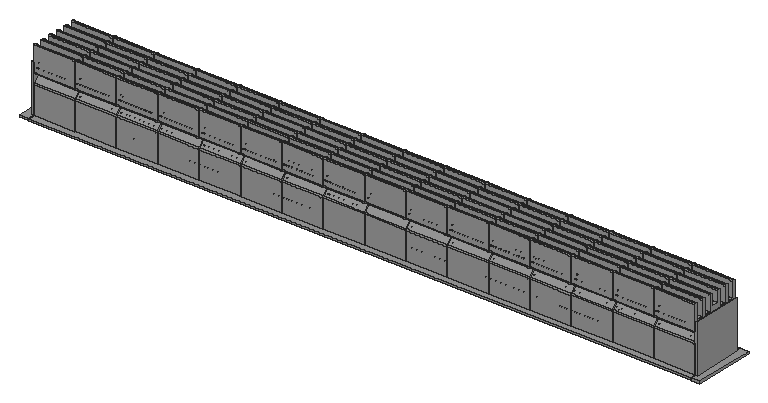
Revit family "Artemide_Sharp_TrimTrimless", category Lighting Fixtures, Revit 2018 (continued)
Types (216, lengths in mm): name | Wattage | V_Trim | V_2Optics | V_1Optic | TotalNumberOfOptics | built-in parameter 1150134 | Photometric Web File | NumberOfOptics | M_Trim | built-in parameter 1150105 | Lumens | built-in parameter 1150107 | built-in parameter 1150106 | URL to O&M Manual | Trim Finish | Trim Colour  | Product Model Number | Overall Length | Output Lumens Direct light | Input Lumens Direct light | Initial Lumens | Emit from Rectangle Length | Efficiency | built-in parameter 1150104 | Distance_RightSideClosure | Colour Temperature
  Sharp_1opticunit_3W_52°_4000K_TrimWhite_AF00801 | 3 W | yes | no | no | 3 | 12 | "AF00801+AF95001.IES" | 2 | Artemide_Aluminum_White | 16.585 (stored number, unit not read) | 208.41 lm | 4000 (stored number, unit not read) | 0.16585 (stored number, unit not read) | "https://www.artemide.com/contents/documenti/prodotto/sharp__instructions4862552.pdf" | "Painted" | "White" | "AF00801" | 34 | 417 | 498.1 | 804 | 37 | 74 | 6.454 (stored number, unit not read) | 20.5 | 4000
  Sharp_1opticunit_3W_36°_4000K_TrimWhite_AF00701 | 3 W | yes | no | no | 3 | 12 | "AF00701+AF95001.IES" | 2 | Artemide_Aluminum_White | 16.017 (stored number, unit not read) | 201.27 lm | 4000 (stored number, unit not read) | 0.16017 (stored number, unit not read) | "https://www.artemide.com/contents/documenti/prodotto/sharp__instructions4862552.pdf" | "Painted" | "White" | "AF00701" | 34 | 417 | 498.1 | 804 | 37 | 71 | 6.2329 (stored number, unit not read) | 20.5 | 4000
  Sharp_1opticunit_3W_52°_2700K_TrimBlack_AF00204 | 3 W | yes | no | no | 3 | (empty or 0) | "AF00204+AF95001.IES" | 2 | Artemide_Aluminum_Black | 14.546 (stored number, unit not read) | 182.79 lm | 2700 (stored number, unit not read) | 0.14546 (stored number, unit not read) | "https://www.artemide.com/contents/documenti/prodotto/sharp__instructions4862552.pdf" | "Painted" | "Black" | "AF00204" | 34 | 417 | 498.1 | 804 | 37 | 73 | 5.6606 (stored number, unit not read) | 20.5 | 2700
  Sharp_1opticunit_3W_20°_2700K_TrimBlack_AF00004 | 3 W | yes | no | no | 3 | (empty or 0) | "AF00004+AF95001.IES" | 2 | Artemide_Aluminum_Black | 15.011 (stored number, unit not read) | 188.64 lm | 2700 (stored number, unit not read) | 0.15011 (stored number, unit not read) | "https://www.artemide.com/contents/documenti/prodotto/sharp__instructions4862552.pdf" | "Painted" | "Black" | "AF00004" | 34 | 417 | 498.1 | 804 | 37 | 76 | 5.8417 (stored number, unit not read) | 20.5 | 2700
  Sharp_1opticunit_3W_36°_2700K_TrimBlack_AF00104 | 3 W | yes | no | no | 3 | (empty or 0) | "AF00104+AF95001.IES" | 2 | Artemide_Aluminum_Black | 14.045 (stored number, unit not read) | 176.49 lm | 2700 (stored number, unit not read) | 0.14045 (stored number, unit not read) | "https://www.artemide.com/contents/documenti/prodotto/sharp__instructions4862552.pdf" | "Painted" | "Black" | "AF00104" | 34 | 417 | 498.1 | 804 | 37 | 71 | 5.4655 (stored number, unit not read) | 20.5 | 2700
  Sharp_1opticunit_3W_52°_3000K_TrimBlack_AF00504 | 3 W | yes | no | no | 3 | (empty or 0) | "AF00504+AF95001.IES" | 2 | Artemide_Aluminum_Black | 15.496 (stored number, unit not read) | 194.73 lm | 3000 (stored number, unit not read) | 0.15496 (stored number, unit not read) | "https://www.artemide.com/contents/documenti/prodotto/sharp__instructions4862552.pdf" | "Painted" | "Black" | "AF00504" | 34 | 417 | 498.1 | 804 | 37 | 73 | 6.0303 (stored number, unit not read) | 20.5 | 3000
  Sharp_1opticunit_3W_52°_4000K_TrimBlack_AF00804 | 3 W | yes | no | no | 3 | 12 | "AF00804+AF95001.IES" | 2 | Artemide_Aluminum_Black | 16.585 (stored number, unit not read) | 208.41 lm | 4000 (stored number, unit not read) | 0.16585 (stored number, unit not read) | "https://www.artemide.com/contents/documenti/prodotto/sharp__instructions4862552.pdf" | "Painted" | "Black" | "AF00804" | 34 | 417 | 498.1 | 804 | 37 | 74 | 6.454 (stored number, unit not read) | 20.5 | 4000
  Sharp_1opticunit_3W_36°_4000K_TrimBlack_AF00704 | 3 W | yes | no | no | 3 | 12 | "AF00704+AF95001.IES" | 2 | Artemide_Aluminum_Black | 16.017 (stored number, unit not read) | 201.27 lm | 4000 (stored number, unit not read) | 0.16017 (stored number, unit not read) | "https://www.artemide.com/contents/documenti/prodotto/sharp__instructions4862552.pdf" | "Painted" | "Black" | "AF00704" | 34 | 417 | 498.1 | 804 | 37 | 71 | 6.2329 (stored number, unit not read) | 20.5 | 4000
  Sharp_1opticunit_3W_36°_3000K_TrimBlack_AF00404 | 3 W | yes | no | no | 3 | (empty or 0) | "AF00404+AF95001.IES" | 2 | Artemide_Aluminum_Black | 14.964 (stored number, unit not read) | 188.04 lm | 3000 (stored number, unit not read) | 0.14964 (stored number, unit not read) | "https://www.artemide.com/contents/documenti/prodotto/sharp__instructions4862552.pdf" | "Painted" | "Black" | "AF00404" | 34 | 417 | 498.1 | 804 | 37 | 71 | 5.8232 (stored number, unit not read) | 20.5 | 3000
  Sharp_1opticunit_3W_20°_4000K_TrimBlack_AF00604 | 3 W | yes | no | no | 3 | 12 | "AF00604+AF95001.IES" | 2 | Artemide_Aluminum_Black | 17.117 (stored number, unit not read) | 215.1 lm | 4000 (stored number, unit not read) | 0.17117 (stored number, unit not read) | "https://www.artemide.com/contents/documenti/prodotto/sharp__instructions4862552.pdf" | "Painted" | "Black" | "AF00604" | 34 | 417 | 498.1 | 804 | 37 | 76 | 6.6611 (stored number, unit not read) | 20.5 | 4000
  Sharp_1opticunit_3W_20°_3000K_TrimBlack_AF00304 | 3 W | yes | no | no | 3 | (empty or 0) | "AF00304+AF95001.IES" | 2 | Artemide_Aluminum_Black | 15.993 (stored number, unit not read) | 200.97 lm | 3000 (stored number, unit not read) | 0.15993 (stored number, unit not read) | "https://www.artemide.com/contents/documenti/prodotto/sharp__instructions4862552.pdf" | "Painted" | "Black" | "AF00304" | 34 | 417 | 498.1 | 804 | 37 | 76 | 6.2236 (stored number, unit not read) | 20.5 | 3000
  Sharp_2opticunit_5,5W_20°_2700K_Trimless_AF55000 | 5.5 W | no | yes | no | 3 | (empty or 0) | "AF55000+AF95101.IES" | 2 | none | 33.023 (stored number, unit not read) | 414.975 lm | 2700 (stored number, unit not read) | 0.33023 (stored number, unit not read) | "https://www.artemide.com/contents/documenti/prodotto/sharp__instructions4465322.pdf" | "-" | "-" | "AF55000" | 71 | 377 | 498.1 | 804 | 74.1 | 76 | 7.0095 (stored number, unit not read) | 57.6 | 2700
  Sharp_2opticunit_5,5W_20°_3000K_Trimless_AF55300 | 5.5 W | no | yes | no | 3 | (empty or 0) | "AF55300+AF95101.IES" | 2 | none | 35.18 (stored number, unit not read) | 442.09 lm | 3000 (stored number, unit not read) | 0.3518 (stored number, unit not read) | "https://www.artemide.com/contents/documenti/prodotto/sharp__instructions4465322.pdf" | "-" | "-" | "AF55300" | 71 | 402 | 530.66 | 804 | 74.1 | 76 | 7.4675 (stored number, unit not read) | 57.6 | 3000
  Sharp_2opticunit_5,5W_36°_2700K_Trimless_AF55100 | 5.5 W | no | yes | no | 3 | (empty or 0) | "AF55100+AF95101.IES" | 2 | none | 30.9 (stored number, unit not read) | 388.3 lm | 2700 (stored number, unit not read) | 0.309 (stored number, unit not read) | "https://www.artemide.com/contents/documenti/prodotto/sharp__instructions4465322.pdf" | "-" | "-" | "AF55100" | 71 | 353 | 498.1 | 804 | 74.1 | 71 | 6.559 (stored number, unit not read) | 57.6 | 2700
  Sharp_2opticunit_5,5W_36°_3000K_Trimless_AF55400 | 5.5 W | no | yes | no | 3 | (empty or 0) | "AF55400+AF95101.IES" | 2 | none | 32.922 (stored number, unit not read) | 413.71 lm | 3000 (stored number, unit not read) | 0.32922 (stored number, unit not read) | "https://www.artemide.com/contents/documenti/prodotto/sharp__instructions4465322.pdf" | "-" | "-" | "AF55400" | 71 | 376 | 498.1 | 804 | 74.1 | 71 | 6.9882 (stored number, unit not read) | 57.6 | 3000
  Sharp_2opticunit_5,5W_52°_2700K_Trimless_AF55200 | 5.5 W | no | yes | no | 3 | (empty or 0) | "AF55200+AF95101.IES" | 2 | none | 31.998 (stored number, unit not read) | 402.105 lm | 2700 (stored number, unit not read) | 0.31998 (stored number, unit not read) | "https://www.artemide.com/contents/documenti/prodotto/sharp__instructions4465322.pdf" | "-" | "-" | "AF55200" | 71 | 366 | 498.1 | 804 | 74.1 | 73 | 6.7921 (stored number, unit not read) | 57.6 | 2700
  Sharp_2opticunit_5,5W_52°_3000K_Trimless_AF55500 | 5.5 W | no | yes | no | 3 | (empty or 0) | "AF55500+AF95101.IES" | 2 | none | 34.091 (stored number, unit not read) | 428.395 lm | 3000 (stored number, unit not read) | 0.34091 (stored number, unit not read) | "https://www.artemide.com/contents/documenti/prodotto/sharp__instructions4465322.pdf" | "-" | "-" | "AF55500" | 71 | 389 | 498.1 | 804 | 74.1 | 73 | 7.2362 (stored number, unit not read) | 57.6 | 3000
  Sharp_2opticunit_5,5W_52°_4000K_Trimless_AF55800 | 5.5 W | no | yes | no | 3 | 12 | "AF55800+AF95101.IES" | 2 | none | 33.171 (stored number, unit not read) | 416.845 lm | 4000 (stored number, unit not read) | 0.33171 (stored number, unit not read) | "https://www.artemide.com/contents/documenti/prodotto/sharp__instructions4465322.pdf" | "-" | "-" | "AF55800" | 71 | 417 | 498.1 | 804 | 74.1 | 73 | 7.0411 (stored number, unit not read) | 57.6 | 4000
  Sharp_2opticunit_5,5W_36°_4000K_Trimless_AF55700 | 5.5 W | no | yes | no | 3 | 12 | "AF55700+AF95101.IES" | 2 | none | 35.237 (stored number, unit not read) | 442.805 lm | 4000 (stored number, unit not read) | 0.35237 (stored number, unit not read) | "https://www.artemide.com/contents/documenti/prodotto/sharp__instructions4465322.pdf" | "-" | "-" | "AF55700" | 71 | 417 | 498.1 | 804 | 74.1 | 71 | 7.4796 (stored number, unit not read) | 57.6 | 4000
  Sharp_2opticunit_5,5W_20°_4000K_Trimless_AF55600 | 5.5 W | no | yes | no | 3 | 12 | "AF55600+AF95101.IES" | 2 | none | 37.658 (stored number, unit not read) | 473.22 lm | 4000 (stored number, unit not read) | 0.37658 (stored number, unit not read) | "https://www.artemide.com/contents/documenti/prodotto/sharp__instructions4465322.pdf" | "-" | "-" | "AF55600" | 71 | 417 | 498.1 | 804 | 74.1 | 76 | 7.9934 (stored number, unit not read) | 57.6 | 4000
  Sharp_2opticunit_5,5W_20°_2700K_TrimWhite_AF05001 | 5.5 W | yes | yes | no | 3 | (empty or 0) | "AF05001+AF95101.IES" | 2 | Artemide_Aluminum_White | 33.023 (stored number, unit not read) | 414.975 lm | 2700 (stored number, unit not read) | 0.33023 (stored number, unit not read) | "https://www.artemide.com/contents/documenti/prodotto/sharp__instructions4862552.pdf" | "Painted" | "White" | "AF05001" | 71 | 377 | 498.1 | 377 | 74.1 | 76 | 7.0095 (stored number, unit not read) | 57.6 | 2700
  Sharp_2opticunit_5,5W_20°_2700K_TrimSilver_AF05005 | 5.5 W | yes | yes | no | 3 | (empty or 0) | "AF05005+AF95101.IES" | 2 | Artemide_Aluminum_BrushedSilver | 33.023 (stored number, unit not read) | 414.975 lm | 2700 (stored number, unit not read) | 0.33023 (stored number, unit not read) | "https://www.artemide.com/contents/documenti/prodotto/sharp__instructions4862552.pdf" | "Painted" | "Silver" | "AF05005" | 71 | 377 | 498.1 | 377 | 74.1 | 76 | 7.0095 (stored number, unit not read) | 57.6 | 2700
  Sharp_2opticunit_5,5W_20°_3000K_TrimWhite_AF05301 | 5.5 W | yes | yes | no | 3 | (empty or 0) | "AF05301+AF95101.IES" | 2 | Artemide_Aluminum_White | 35.18 (stored number, unit not read) | 442.09 lm | 3000 (stored number, unit not read) | 0.3518 (stored number, unit not read) | "https://www.artemide.com/contents/documenti/prodotto/sharp__instructions4862552.pdf" | "Painted" | "White" | "AF05301" | 71 | 402 | 530.66 | 402 | 74.1 | 76 | 7.4675 (stored number, unit not read) | 57.6 | 3000
  Sharp_2opticunit_5,5W_20°_3000K_TrimSilver_AF05305 | 5.5 W | yes | yes | no | 3 | (empty or 0) | "AF05305+AF95101.IES" | 2 | Artemide_Aluminum_BrushedSilver | 35.18 (stored number, unit not read) | 442.09 lm | 3000 (stored number, unit not read) | 0.3518 (stored number, unit not read) | "https://www.artemide.com/contents/documenti/prodotto/sharp__instructions4862552.pdf" | "Painted" | "Silver" | "AF05305" | 71 | 402 | 530.66 | 402 | 74.1 | 76 | 7.4675 (stored number, unit not read) | 57.6 | 3000
  Sharp_2opticunit_5,5W_36°_2700K_TrimWhite_AF05101 | 5.5 W | yes | yes | no | 3 | (empty or 0) | "AF05101+AF95101.IES" | 2 | Artemide_Aluminum_White | 30.9 (stored number, unit not read) | 388.3 lm | 2700 (stored number, unit not read) | 0.309 (stored number, unit not read) | "https://www.artemide.com/contents/documenti/prodotto/sharp__instructions4862552.pdf" | "Painted" | "White" | "AF05101" | 71 | 353 | 498.1 | 353 | 74.1 | 71 | 6.559 (stored number, unit not read) | 57.6 | 2700
  Sharp_2opticunit_5,5W_36°_2700K_TrimSilver_AF05105 | 5.5 W | yes | yes | no | 3 | (empty or 0) | "AF05105+AF95101.IES" | 2 | Artemide_Aluminum_BrushedSilver | 30.9 (stored number, unit not read) | 388.3 lm | 2700 (stored number, unit not read) | 0.309 (stored number, unit not read) | "https://www.artemide.com/contents/documenti/prodotto/sharp__instructions4862552.pdf" | "Painted" | "Silver" | "AF05105" | 71 | 353 | 498.1 | 353 | 74.1 | 71 | 6.559 (stored number, unit not read) | 57.6 | 2700
  Sharp_2opticunit_5,5W_36°_3000K_TrimWhite_AF05401 | 5.5 W | yes | yes | no | 3 | (empty or 0) | "AF05401+AF95101.IES" | 2 | Artemide_Aluminum_White | 32.922 (stored number, unit not read) | 413.71 lm | 3000 (stored number, unit not read) | 0.32922 (stored number, unit not read) | "https://www.artemide.com/contents/documenti/prodotto/sharp__instructions4862552.pdf" | "Painted" | "White" | "AF05401" | 71 | 376 | 530.66 | 376 | 74.1 | 71 | 6.9882 (stored number, unit not read) | 57.6 | 3000
  Sharp_2opticunit_5,5W_36°_3000K_TrimSilver_AF05405 | 5.5 W | yes | yes | no | 3 | (empty or 0) | "AF05405+AF95101.IES" | 2 | Artemide_Aluminum_BrushedSilver | 32.922 (stored number, unit not read) | 413.71 lm | 3000 (stored number, unit not read) | 0.32922 (stored number, unit not read) | "https://www.artemide.com/contents/documenti/prodotto/sharp__instructions4862552.pdf" | "Painted" | "Silver" | "AF05405" | 71 | 376 | 530.66 | 376 | 74.1 | 71 | 6.9882 (stored number, unit not read) | 57.6 | 3000
  Sharp_2opticunit_5,5W_52°_2700K_TrimWhite_AF05201 | 5.5 W | yes | yes | no | 3 | (empty or 0) | "AF05201+AF95101.IES" | 2 | Artemide_Aluminum_White | 31.998 (stored number, unit not read) | 402.105 lm | 2700 (stored number, unit not read) | 0.31998 (stored number, unit not read) | "https://www.artemide.com/contents/documenti/prodotto/sharp__instructions4862552.pdf" | "Painted" | "White" | "AF05201" | 71 | 366 | 498.1 | 366 | 74.1 | 73 | 6.7921 (stored number, unit not read) | 57.6 | 2700
  Sharp_2opticunit_5,5W_52°_2700K_TrimSilver_AF05205 | 5.5 W | yes | yes | no | 3 | (empty or 0) | "AF05205+AF95101.IES" | 2 | Artemide_Aluminum_BrushedSilver | 31.998 (stored number, unit not read) | 402.105 lm | 2700 (stored number, unit not read) | 0.31998 (stored number, unit not read) | "https://www.artemide.com/contents/documenti/prodotto/sharp__instructions4862552.pdf" | "Painted" | "Silver" | "AF05205" | 71 | 366 | 498.1 | 366 | 74.1 | 73 | 6.7921 (stored number, unit not read) | 57.6 | 2700
  Sharp_2opticunit_5,5W_52°_3000K_TrimWhite_AF05501 | 5.5 W | yes | yes | no | 3 | (empty or 0) | "AF05501+AF95101.IES" | 2 | Artemide_Aluminum_White | 34.091 (stored number, unit not read) | 428.395 lm | 3000 (stored number, unit not read) | 0.34091 (stored number, unit not read) | "https://www.artemide.com/contents/documenti/prodotto/sharp__instructions4862552.pdf" | "Painted" | "White" | "AF05501" | 71 | 389 | 530.66 | 389 | 74.1 | 73 | 7.2362 (stored number, unit not read) | 57.6 | 3000
  Sharp_2opticunit_5,5W_52°_3000K_TrimSilver_AF05505 | 5.5 W | yes | yes | no | 3 | (empty or 0) | "AF05505+AF95101.IES" | 2 | Artemide_Aluminum_BrushedSilver | 34.091 (stored number, unit not read) | 428.395 lm | 3000 (stored number, unit not read) | 0.34091 (stored number, unit not read) | "https://www.artemide.com/contents/documenti/prodotto/sharp__instructions4862552.pdf" | "Painted" | "Silver" | "AF05505" | 71 | 389 | 530.66 | 389 | 74.1 | 73 | 7.2362 (stored number, unit not read) | 57.6 | 3000
  Sharp_2opticunit_5,5W_20°_4000K_TrimSilver_AF05605 | 5.5 W | yes | yes | no | 3 | 12 | "AF05605+AF95101.IES" | 2 | Artemide_Aluminum_BrushedSilver | 37.658 (stored number, unit not read) | 473.22 lm | 4000 (stored number, unit not read) | 0.37658 (stored number, unit not read) | "https://www.artemide.com/contents/documenti/prodotto/sharp__instructions4862552.pdf" | "Painted" | "Silver" | "AF05605" | 71 | 430 | 498.1 | 804 | 74.1 | 76 | 7.9934 (stored number, unit not read) | 57.6 | 4000
  Sharp_2opticunit_5,5W_36°_4000K_TrimSilver_AF05705 | 5.5 W | yes | yes | no | 3 | 12 | "AF05705+AF95101.IES" | 2 | Artemide_Aluminum_BrushedSilver | 35.237 (stored number, unit not read) | 442.805 lm | 4000 (stored number, unit not read) | 0.35237 (stored number, unit not read) | "https://www.artemide.com/contents/documenti/prodotto/sharp__instructions4862552.pdf" | "Painted" | "Silver" | "AF05705" | 71 | 403 | 498.1 | 804 | 74.1 | 71 | 7.4796 (stored number, unit not read) | 57.6 | 4000
  Sharp_2opticunit_5,5W_52°_4000K_TrimSilver_AF05805 | 5.5 W | yes | yes | no | 3 | 12 | "AF05805+AF95101.IES" | 2 | Artemide_Aluminum_BrushedSilver | 33.171 (stored number, unit not read) | 416.845 lm | 4000 (stored number, unit not read) | 0.33171 (stored number, unit not read) | "https://www.artemide.com/contents/documenti/prodotto/sharp__instructions4862552.pdf" | "Painted" | "Silver" | "AF05805" | 71 | 417 | 498.1 | 804 | 74.1 | 73 | 7.0411 (stored number, unit not read) | 57.6 | 4000
  Sharp_2opticunit_5,5W_20°_4000K_TrimWhite_AF05601 | 5.5 W | yes | yes | no | 3 | 12 | "AF05601+AF95101.IES" | 2 | Artemide_Aluminum_White | 37.658 (stored number, unit not read) | 473.22 lm | 4000 (stored number, unit not read) | 0.37658 (stored number, unit not read) | "https://www.artemide.com/contents/documenti/prodotto/sharp__instructions4862552.pdf" | "Painted" | "White" | "AF05601" | 71 | 417 | 498.1 | 804 | 74.1 | 76 | 7.9934 (stored number, unit not read) | 57.6 | 4000
  Sharp_2opticunit_5,5W_36°_4000K_TrimWhite_AF05701 | 5.5 W | yes | yes | no | 3 | 12 | "AF05701+AF95101.IES" | 2 | Artemide_Aluminum_White | 35.237 (stored number, unit not read) | 442.805 lm | 4000 (stored number, unit not read) | 0.35237 (stored number, unit not read) | "https://www.artemide.com/contents/documenti/prodotto/sharp__instructions4862552.pdf" | "Painted" | "White" | "AF05701" | 71 | 417 | 498.1 | 804 | 74.1 | 71 | 7.4796 (stored number, unit not read) | 57.6 | 4000
  Sharp_2opticunit_5,5W_52°_4000K_TrimWhite_AF05801 | 5.5 W | yes | yes | no | 3 | 12 | "AF05801+AF95101.IES" | 2 | Artemide_Aluminum_White | 33.171 (stored number, unit not read) | 416.845 lm | 4000 (stored number, unit not read) | 0.33171 (stored number, unit not read) | "https://www.artemide.com/contents/documenti/prodotto/sharp__instructions4862552.pdf" | "Painted" | "White" | "AF05801" | 71 | 417 | 498.1 | 804 | 74.1 | 73 | 7.0411 (stored number, unit not read) | 57.6 | 4000
  Sharp_2opticunit_5,5W_20°_4000K_TrimBlack_AF05604 | 5.5 W | yes | yes | no | 3 | 12 | "AF05604+AF95101.IES" | 2 | Artemide_Aluminum_Black | 37.658 (stored number, unit not read) | 473.22 lm | 4000 (stored number, unit not read) | 0.37658 (stored number, unit not read) | "https://www.artemide.com/contents/documenti/prodotto/sharp__instructions4862552.pdf" | "Painted" | "Black" | "AF05604" | 71 | 417 | 498.1 | 804 | 74.1 | 76 | 7.9934 (stored number, unit not read) | 57.6 | 4000
  Sharp_2opticunit_5,5W_20°_3000K_TrimBlack_AF05304 | 5.5 W | yes | yes | no | 3 | (empty or 0) | "AF05304+AF95101.IES" | 2 | Artemide_Aluminum_Black | 35.18 (stored number, unit not read) | 442.09 lm | 3000 (stored number, unit not read) | 0.3518 (stored number, unit not read) | "https://www.artemide.com/contents/documenti/prodotto/sharp__instructions4862552.pdf" | "Painted" | "Black" | "AF05304" | 71 | 417 | 498.1 | 804 | 74.1 | 76 | 7.4675 (stored number, unit not read) | 57.6 | 3000
  Sharp_2opticunit_5,5W_36°_4000K_TrimBlack_AF05704 | 5.5 W | yes | yes | no | 3 | 12 | "AF05704+AF95101.IES" | 2 | Artemide_Aluminum_Black | 35.237 (stored number, unit not read) | 442.805 lm | 4000 (stored number, unit not read) | 0.35237 (stored number, unit not read) | "https://www.artemide.com/contents/documenti/prodotto/sharp__instructions4862552.pdf" | "Painted" | "Black" | "AF05704" | 71 | 417 | 498.1 | 804 | 74.1 | 71 | 7.4796 (stored number, unit not read) | 57.6 | 4000
  Sharp_2opticunit_5,5W_36°_3000K_TrimBlack_AF05404 | 5.5 W | yes | yes | no | 3 | (empty or 0) | "AF05404+AF95101.IES" | 2 | Artemide_Aluminum_Black | 32.922 (stored number, unit not read) | 413.71 lm | 3000 (stored number, unit not read) | 0.32922 (stored number, unit not read) | "https://www.artemide.com/contents/documenti/prodotto/sharp__instructions4862552.pdf" | "Painted" | "Black" | "AF05404" | 71 | 417 | 498.1 | 804 | 74.1 | 71 | 6.9882 (stored number, unit not read) | 57.6 | 3000
  Sharp_2opticunit_5,5W_52°_4000K_TrimBlack_AF05804 | 5.5 W | yes | yes | no | 3 | 12 | "AF05804+AF95101.IES" | 2 | Artemide_Aluminum_Black | 33.171 (stored number, unit not read) | 416.845 lm | 4000 (stored number, unit not read) | 0.33171 (stored number, unit not read) | "https://www.artemide.com/contents/documenti/prodotto/sharp__instructions4862552.pdf" | "Painted" | "Black" | "AF05804" | 71 | 417 | 498.1 | 804 | 74.1 | 73 | 7.0411 (stored number, unit not read) | 57.6 | 4000
  Sharp_2opticunit_5,5W_52°_3000K_TrimBlack_AF05504 | 5.5 W | yes | yes | no | 3 | (empty or 0) | "AF05504+AF95101.IES" | 2 | Artemide_Aluminum_Black | 34.091 (stored number, unit not read) | 428.395 lm | 3000 (stored number, unit not read) | 0.34091 (stored number, unit not read) | "https://www.artemide.com/contents/documenti/prodotto/sharp__instructions4862552.pdf" | "Painted" | "Black" | "AF05504" | 71 | 417 | 498.1 | 804 | 74.1 | 73 | 7.2362 (stored number, unit not read) | 57.6 | 3000
  Sharp_2opticunit_5,5W_20°_2700K_TrimBlack_AF05004 | 5.5 W | yes | yes | no | 3 | (empty or 0) | "AF05004+AF95101.IES" | 2 | Artemide_Aluminum_Black | 33.023 (stored number, unit not read) | 414.975 lm | 2700 (stored number, unit not read) | 0.33023 (stored number, unit not read) | "https://www.artemide.com/contents/documenti/prodotto/sharp__instructions4862552.pdf" | "Painted" | "Black" | "AF05004" | 71 | 417 | 498.1 | 804 | 74.1 | 76 | 7.0095 (stored number, unit not read) | 57.6 | 2700
  Sharp_2opticunit_5,5W_52°_2700K_TrimBlack_AF05204 | 5.5 W | yes | yes | no | 3 | (empty or 0) | "AF05204+AF95101.IES" | 2 | Artemide_Aluminum_Black | 31.998 (stored number, unit not read) | 402.105 lm | 2700 (stored number, unit not read) | 0.31998 (stored number, unit not read) | "https://www.artemide.com/contents/documenti/prodotto/sharp__instructions4862552.pdf" | "Painted" | "Black" | "AF05204" | 71 | 417 | 498.1 | 804 | 74.1 | 73 | 6.7921 (stored number, unit not read) | 57.6 | 2700
  Sharp_2opticunit_5,5W_36°_2700K_TrimBlack_AF05104 | 5.5 W | yes | yes | no | 3 | (empty or 0) | "AF05104+AF95101.IES" | 2 | Artemide_Aluminum_Black | 30.9 (stored number, unit not read) | 388.3 lm | 2700 (stored number, unit not read) | 0.309 (stored number, unit not read) | "https://www.artemide.com/contents/documenti/prodotto/sharp__instructions4862552.pdf" | "Painted" | "Black" | "AF05104" | 71 | 417 | 498.1 | 804 | 74.1 | 71 | 6.559 (stored number, unit not read) | 57.6 | 2700
  Sharp_4opticunit_11W_20°_3000K_Trimless_AF60300 | 11 W | no | no | yes | 4 | (empty or 0) | "AF60300+AF95201.IES" | 3 | none | 63.971 (stored number, unit not read) | 803.88 lm | 3000 (stored number, unit not read) | 0.63971 (stored number, unit not read) | "https://www.artemide.com/contents/documenti/prodotto/sharp__instructions4465322.pdf" | "-" | "-" | "AF60300" | 145 | 804 | 498.1 | 804 | 148 | 76 | 6.7894 (stored number, unit not read) | 131.5 | 3000
  Sharp_4opticunit_11W_20°_4000K_Trimless_AF60600 | 11 W | no | no | yes | 4 | 12 | "AF60600+AF95201.IES" | 3 | none | 68.409 (stored number, unit not read) | 859.65 lm | 4000 (stored number, unit not read) | 0.68409 (stored number, unit not read) | "https://www.artemide.com/contents/documenti/prodotto/sharp__instructions4465322.pdf" | "-" | "-" | "AF60600" | 145 | 860 | 498.1 | 804 | 148 | 76 | 7.2604 (stored number, unit not read) | 131.5 | 4000
  Sharp_4opticunit_11W_36°_3000K_Trimless_AF60400 | 11 W | no | no | yes | 4 | (empty or 0) | "AF60400+AF95201.IES" | 3 | none | 59.857 (stored number, unit not read) | 752.18 lm | 3000 (stored number, unit not read) | 0.59857 (stored number, unit not read) | "https://www.artemide.com/contents/documenti/prodotto/sharp__instructions4465322.pdf" | "-" | "-" | "AF60400" | 145 | 752 | 498.1 | 804 | 148 | 71 | 6.3527 (stored number, unit not read) | 131.5 | 3000
  Sharp_4opticunit_11W_36°_4000K_Trimless_AF60700 | 11 W | no | no | yes | 4 | 12 | "AF64700+AF95201.IES" | 3 | none | 64.067 (stored number, unit not read) | 805.09 lm | 4000 (stored number, unit not read) | 0.64067 (stored number, unit not read) | "https://www.artemide.com/contents/documenti/prodotto/sharp__instructions4465322.pdf" | "-" | "-" | "AF60700" | 145 | 805 | 498.1 | 804 | 148 | 71 | 6.7996 (stored number, unit not read) | 131.5 | 4000
  Sharp_4opticunit_11W_52°_3000K_Trimless_AF60500 | 11 W | no | no | yes | 4 | (empty or 0) | "AF60500+AF95201.IES" | 3 | none | 61.984 (stored number, unit not read) | 778.91 lm | 3000 (stored number, unit not read) | 0.61984 (stored number, unit not read) | "https://www.artemide.com/contents/documenti/prodotto/sharp__instructions4465322.pdf" | "-" | "-" | "AF60500" | 145 | 779 | 498.1 | 804 | 148 | 73 | 6.5785 (stored number, unit not read) | 131.5 | 3000
  Sharp_4opticunit_11W_52°_4000K_Trimless_AF60800 | 11 W | no | no | yes | 4 | 12 | "AF64800+AF95201.IES" | 3 | none | 66.343 (stored number, unit not read) | 833.69 lm | 4000 (stored number, unit not read) | 0.66343 (stored number, unit not read) | "https://www.artemide.com/contents/documenti/prodotto/sharp__instructions4465322.pdf" | "-" | "-" | "AF60800" | 145 | 834 | 498.1 | 804 | 148 | 73 | 7.0411 (stored number, unit not read) | 131.5 | 4000
  Sharp_4opticunit_11W_20°_2700K_Trimless_AF60000 | 11 W | no | no | yes | 4 | (empty or 0) | "AF60000+AF95201.IES" | 3 | none | 60.04 (stored number, unit not read) | 754.49 lm | 2700 (stored number, unit not read) | 0.6004 (stored number, unit not read) | "https://www.artemide.com/contents/documenti/prodotto/sharp__instructions4465322.pdf" | "-" | "-" | "AF60000" | 145 | 755 | 498.1 | 804 | 148 | 76 | 6.3722 (stored number, unit not read) | 131.5 | 2700
  Sharp_4opticunit_11W_36°_2700K_Trimless_AF60100 | 11 W | no | no | yes | 4 | (empty or 0) | "AF60100+AF95201.IES" | 3 | none | 56.18 (stored number, unit not read) | 705.98 lm | 2700 (stored number, unit not read) | 0.5618 (stored number, unit not read) | "https://www.artemide.com/contents/documenti/prodotto/sharp__instructions4465322.pdf" | "-" | "-" | "AF60100" | 145 | 706 | 498.1 | 804 | 148 | 71 | 5.9625 (stored number, unit not read) | 131.5 | 2700
  Sharp_4opticunit_11W_52°_2700K_Trimless_AF60200 | 11 W | no | no | yes | 4 | (empty or 0) | "AF60200+AF95201.IES" | 3 | none | 58.176 (stored number, unit not read) | 731.06 lm | 2700 (stored number, unit not read) | 0.58176 (stored number, unit not read) | "https://www.artemide.com/contents/documenti/prodotto/sharp__instructions4465322.pdf" | "-" | "-" | "AF60200" | 145 | 731 | 498.1 | 804 | 148 | 73 | 6.1743 (stored number, unit not read) | 131.5 | 2700
  Sharp_4opticunit_11W_20°_3000K_TrimWhite_AF10301 | 11 W | yes | no | yes | 4 | (empty or 0) | "AF10301+AF95201.IES" | 3 | Artemide_Aluminum_White | 63.971 (stored number, unit not read) | 803.88 lm | 3000 (stored number, unit not read) | 0.63971 (stored number, unit not read) | "https://www.artemide.com/contents/documenti/prodotto/sharp__instructions4862552.pdf" | "Painted" | "White" | "AF10301" | 145 | 804 | 1061.32 | 804 | 148 | 76 | 6.7894 (stored number, unit not read) | 131.5 | 3000
  Sharp_4opticunit_11W_20°_3000K_TrimSilver_AF10305 | 11 W | yes | no | yes | 4 | (empty or 0) | "AF10305+AF95201.IES" | 3 | Artemide_Aluminum_BrushedSilver | 63.971 (stored number, unit not read) | 803.88 lm | 3000 (stored number, unit not read) | 0.63971 (stored number, unit not read) | "https://www.artemide.com/contents/documenti/prodotto/sharp__instructions4862552.pdf" | "Painted" | "Silver" | "AF10305" | 145 | 804 | 1061.32 | 804 | 148 | 76 | 6.7894 (stored number, unit not read) | 131.5 | 3000
  Sharp_4opticunit_11W_20°_4000K_TrimWhite_AF10601 | 11 W | yes | no | yes | 4 | 12 | "AF10601+AF95201.IES" | 3 | Artemide_Aluminum_White | 68.409 (stored number, unit not read) | 859.65 lm | 4000 (stored number, unit not read) | 0.68409 (stored number, unit not read) | "https://www.artemide.com/contents/documenti/prodotto/sharp__instructions4862552.pdf" | "Painted" | "White" | "AF10601" | 145 | 860 | 1135.98 | 804 | 148 | 76 | 7.2604 (stored number, unit not read) | 131.5 | 4000
  Sharp_4opticunit_11W_20°_4000K_TrimSilver_AF10605 | 11 W | yes | no | yes | 4 | 12 | "AF10605+AF95201.IES" | 3 | Artemide_Aluminum_BrushedSilver | 68.409 (stored number, unit not read) | 859.65 lm | 4000 (stored number, unit not read) | 0.68409 (stored number, unit not read) | "https://www.artemide.com/contents/documenti/prodotto/sharp__instructions4862552.pdf" | "Painted" | "Silver" | "AF10605" | 145 | 860 | 1135.98 | 804 | 148 | 76 | 7.2604 (stored number, unit not read) | 131.5 | 4000
  Sharp_4opticunit_11W_36°_3000K_TrimWhite_AF10401 | 11 W | yes | no | yes | 4 | (empty or 0) | "AF10401+AF95201.IES" | 3 | Artemide_Aluminum_White | 59.857 (stored number, unit not read) | 752.18 lm | 3000 (stored number, unit not read) | 0.59857 (stored number, unit not read) | "https://www.artemide.com/contents/documenti/prodotto/sharp__instructions4862552.pdf" | "Painted" | "White" | "AF10401" | 145 | 752 | 1061.32 | 804 | 148 | 71 | 6.3527 (stored number, unit not read) | 131.5 | 3000
  Sharp_4opticunit_11W_36°_3000K_TrimSilver_AF10405 | 11 W | yes | no | yes | 4 | (empty or 0) | "AF10405+AF95201.IES" | 3 | Artemide_Aluminum_BrushedSilver | 59.857 (stored number, unit not read) | 752.18 lm | 3000 (stored number, unit not read) | 0.59857 (stored number, unit not read) | "https://www.artemide.com/contents/documenti/prodotto/sharp__instructions4862552.pdf" | "Painted" | "Silver" | "AF10405" | 145 | 752 | 1061.32 | 804 | 148 | 71 | 6.3527 (stored number, unit not read) | 131.5 | 3000
  Sharp_4opticunit_11W_36°_4000K_TrimWhite_AF10701 | 11 W | yes | no | yes | 4 | 12 | "AF10701+AF95201.IES" | 3 | Artemide_Aluminum_White | 64.067 (stored number, unit not read) | 805.09 lm | 4000 (stored number, unit not read) | 0.64067 (stored number, unit not read) | "https://www.artemide.com/contents/documenti/prodotto/sharp__instructions4862552.pdf" | "Painted" | "White" | "AF10701" | 145 | 805 | 1135.98 | 804 | 148 | 71 | 6.7996 (stored number, unit not read) | 131.5 | 4000
  Sharp_4opticunit_11W_36°_4000K_TrimSilver_AF10705 | 11 W | yes | no | yes | 4 | 12 | "AF10705+AF95201.IES" | 3 | Artemide_Aluminum_BrushedSilver | 64.067 (stored number, unit not read) | 805.09 lm | 4000 (stored number, unit not read) | 0.64067 (stored number, unit not read) | "https://www.artemide.com/contents/documenti/prodotto/sharp__instructions4862552.pdf" | "Painted" | "Silver" | "AF10705" | 145 | 805 | 1135.98 | 804 | 148 | 71 | 6.7996 (stored number, unit not read) | 131.5 | 4000
  Sharp_4opticunit_11W_52°_3000K_TrimWhite_AF10501 | 11 W | yes | no | yes | 4 | (empty or 0) | "AF10501+AF95201.IES" | 3 | Artemide_Aluminum_White | 61.984 (stored number, unit not read) | 778.91 lm | 3000 (stored number, unit not read) | 0.61984 (stored number, unit not read) | "https://www.artemide.com/contents/documenti/prodotto/sharp__instructions4862552.pdf" | "Painted" | "White" | "AF10501" | 145 | 779 | 1061.32 | 804 | 148 | 73 | 6.5785 (stored number, unit not read) | 131.5 | 3000
  Sharp_4opticunit_11W_52°_3000K_TrimSilver_AF10505 | 11 W | yes | no | yes | 4 | (empty or 0) | "AF10505+AF95201.IES" | 3 | Artemide_Aluminum_BrushedSilver | 61.984 (stored number, unit not read) | 778.91 lm | 3000 (stored number, unit not read) | 0.61984 (stored number, unit not read) | "https://www.artemide.com/contents/documenti/prodotto/sharp__instructions4862552.pdf" | "Painted" | "Silver" | "AF10505" | 145 | 779 | 1061.32 | 804 | 148 | 73 | 6.5785 (stored number, unit not read) | 131.5 | 3000
  Sharp_4opticunit_11W_52°_4000K_TrimWhite_AF10801 | 11 W | yes | no | yes | 4 | 12 | "AF10801+AF95201.IES" | 3 | Artemide_Aluminum_White | 66.343 (stored number, unit not read) | 833.69 lm | 4000 (stored number, unit not read) | 0.66343 (stored number, unit not read) | "https://www.artemide.com/contents/documenti/prodotto/sharp__instructions4862552.pdf" | "Painted" | "White" | "AF10801" | 145 | 834 | 1135.98 | 804 | 148 | 73 | 7.0411 (stored number, unit not read) | 131.5 | 4000
  Sharp_4opticunit_11W_52°_4000K_TrimSilver_AF10805 | 11 W | yes | no | yes | 4 | 12 | "AF10805+AF95201.IES" | 3 | Artemide_Aluminum_BrushedSilver | 66.343 (stored number, unit not read) | 833.69 lm | 4000 (stored number, unit not read) | 0.66343 (stored number, unit not read) | "https://www.artemide.com/contents/documenti/prodotto/sharp__instructions4862552.pdf" | "Painted" | "Silver" | "AF10805" | 145 | 834 | 1135.98 | 804 | 148 | 73 | 7.0411 (stored number, unit not read) | 131.5 | 4000
  Sharp_4opticunit_11W_20°_2700K_TrimWhite_AF10001 | 11 W | yes | no | yes | 4 | (empty or 0) | "AF10001+AF95201.IES" | 3 | Artemide_Aluminum_White | 60.04 (stored number, unit not read) | 754.49 lm | 2700 (stored number, unit not read) | 0.6004 (stored number, unit not read) | "https://www.artemide.com/contents/documenti/prodotto/sharp__instructions4862552.pdf" | "Painted" | "White" | "AF10001" | 145 | 755 | 498.1 | 804 | 148 | 76 | 6.3722 (stored number, unit not read) | 131.5 | 2700
  Sharp_4opticunit_11W_36°_2700K_TrimWhite_AF10101 | 11 W | yes | no | yes | 4 | (empty or 0) | "AF10101+AF95201.IES" | 3 | Artemide_Aluminum_White | 56.18 (stored number, unit not read) | 705.98 lm | 2700 (stored number, unit not read) | 0.5618 (stored number, unit not read) | "https://www.artemide.com/contents/documenti/prodotto/sharp__instructions4862552.pdf" | "Painted" | "White" | "AF10101" | 145 | 706 | 498.1 | 804 | 148 | 71 | 5.9625 (stored number, unit not read) | 131.5 | 2700
  Sharp_4opticunit_11W_52°_2700K_TrimWhite_AF10201 | 11 W | yes | no | yes | 4 | (empty or 0) | "AF10201+AF95201.IES" | 3 | Artemide_Aluminum_White | 58.176 (stored number, unit not read) | 731.06 lm | 2700 (stored number, unit not read) | 0.58176 (stored number, unit not read) | "https://www.artemide.com/contents/documenti/prodotto/sharp__instructions4862552.pdf" | "Painted" | "White" | "AF10201" | 145 | 731 | 498.1 | 804 | 148 | 73 | 6.1743 (stored number, unit not read) | 131.5 | 2700
  Sharp_4opticunit_11W_20°_2700K_TrimSilver_AF10005 | 11 W | yes | no | yes | 4 | (empty or 0) | "AF10005+AF95201.IES" | 3 | Artemide_Aluminum_BrushedSilver | 60.04 (stored number, unit not read) | 754.49 lm | 2700 (stored number, unit not read) | 0.6004 (stored number, unit not read) | "https://www.artemide.com/contents/documenti/prodotto/sharp__instructions4862552.pdf" | "Painted" | "Silver" | "AF10005" | 145 | 755 | 498.1 | 804 | 148 | 76 | 6.3722 (stored number, unit not read) | 131.5 | 2700
  Sharp_4opticunit_11W_36°_2700K_TrimSilver_AF10105 | 11 W | yes | no | yes | 4 | (empty or 0) | "AF10105+AF95201.IES" | 3 | Artemide_Aluminum_BrushedSilver | 56.18 (stored number, unit not read) | 705.98 lm | 2700 (stored number, unit not read) | 0.5618 (stored number, unit not read) | "https://www.artemide.com/contents/documenti/prodotto/sharp__instructions4862552.pdf" | "Painted" | "Silver" | "AF10105" | 145 | 706 | 498.1 | 804 | 148 | 71 | 5.9625 (stored number, unit not read) | 131.5 | 2700
  Sharp_4opticunit_11W_52°_2700K_TrimSilver_AF10205 | 11 W | yes | no | yes | 4 | (empty or 0) | "AF10205+AF95201.IES" | 3 | Artemide_Aluminum_BrushedSilver | 58.176 (stored number, unit not read) | 731.06 lm | 2700 (stored number, unit not read) | 0.58176 (stored number, unit not read) | "https://www.artemide.com/contents/documenti/prodotto/sharp__instructions4862552.pdf" | "Painted" | "Silver" | "AF10205" | 145 | 731 | 498.1 | 804 | 148 | 73 | 6.1743 (stored number, unit not read) | 131.5 | 2700
  Sharp_4opticunit_11W_20°_3000K_TrimBlack_AF10304 | 11 W | yes | no | yes | 4 | (empty or 0) | "AF10304+AF95201.IES" | 3 | Artemide_Aluminum_Black | 63.971 (stored number, unit not read) | 803.88 lm | 3000 (stored number, unit not read) | 0.63971 (stored number, unit not read) | "https://www.artemide.com/contents/documenti/prodotto/sharp__instructions4862552.pdf" | "Painted" | "Black" | "AF10304" | 145 | 417 | 498.1 | 804 | 148 | 76 | 6.7894 (stored number, unit not read) | 131.5 | 4000
  Sharp_4opticunit_11W_36°_2700K_TrimBlack_AF10104 | 11 W | yes | no | yes | 4 | (empty or 0) | "AF10104+AF95201.IES" | 3 | Artemide_Aluminum_Black | 56.18 (stored number, unit not read) | 705.98 lm | 2700 (stored number, unit not read) | 0.5618 (stored number, unit not read) | "https://www.artemide.com/contents/documenti/prodotto/sharp__instructions4862552.pdf" | "Painted" | "Black" | "AF10104" | 145 | 417 | 498.1 | 804 | 148 | 71 | 5.9625 (stored number, unit not read) | 131.5 | 2700
  Sharp_4opticunit_11W_52°_2700K_TrimBlack_AF10204 | 11 W | yes | no | yes | 4 | (empty or 0) | "AF10204+AF95201.IES" | 3 | Artemide_Aluminum_Black | 58.176 (stored number, unit not read) | 731.06 lm | 2700 (stored number, unit not read) | 0.58176 (stored number, unit not read) | "https://www.artemide.com/contents/documenti/prodotto/sharp__instructions4862552.pdf" | "Painted" | "Black" | "AF10204" | 145 | 417 | 498.1 | 804 | 148 | 73 | 6.1743 (stored number, unit not read) | 131.5 | 2700
  Sharp_4opticunit_11W_20°_2700K_TrimBlack_AF10004 | 11 W | yes | no | yes | 4 | (empty or 0) | "AF10004+AF95201.IES" | 3 | Artemide_Aluminum_Black | 60.04 (stored number, unit not read) | 754.49 lm | 2700 (stored number, unit not read) | 0.6004 (stored number, unit not read) | "https://www.artemide.com/contents/documenti/prodotto/sharp__instructions4862552.pdf" | "Painted" | "Black" | "AF10004" | 145 | 417 | 498.1 | 804 | 148 | 76 | 6.3722 (stored number, unit not read) | 131.5 | 2700
  Sharp_4opticunit_11W_52°_3000K_TrimBlack_AF10504 | 11 W | yes | no | yes | 4 | (empty or 0) | "AF10504+AF95201.IES" | 3 | Artemide_Aluminum_Black | 61.984 (stored number, unit not read) | 778.91 lm | 3000 (stored number, unit not read) | 0.61984 (stored number, unit not read) | "https://www.artemide.com/contents/documenti/prodotto/sharp__instructions4862552.pdf" | "Painted" | "Black" | "AF10504" | 145 | 417 | 498.1 | 804 | 148 | 73 | 6.5785 (stored number, unit not read) | 131.5 | 3000
  Sharp_4opticunit_11W_36°_3000K_TrimBlack_AF10404 | 11 W | yes | no | yes | 4 | (empty or 0) | "AF10404+AF95201.IES" | 3 | Artemide_Aluminum_Black | 59.857 (stored number, unit not read) | 752.18 lm | 3000 (stored number, unit not read) | 0.59857 (stored number, unit not read) | "https://www.artemide.com/contents/documenti/prodotto/sharp__instructions4862552.pdf" | "Painted" | "Black" | "AF10404" | 145 | 417 | 498.1 | 804 | 148 | 71 | 6.3527 (stored number, unit not read) | 131.5 | 3000
  Sharp_4opticunit_11W_36°_4000K_TrimBlack_AF10704 | 11 W | yes | no | yes | 4 | 12 | "AF10704+AF95201.IES" | 3 | Artemide_Aluminum_Black | 64.067 (stored number, unit not read) | 805.09 lm | 4000 (stored number, unit not read) | 0.64067 (stored number, unit not read) | "https://www.artemide.com/contents/documenti/prodotto/sharp__instructions4862552.pdf" | "Painted" | "Black" | "AF10704" | 145 | 417 | 498.1 | 804 | 148 | 71 | 6.7996 (stored number, unit not read) | 131.5 | 4000
  Sharp_4opticunit_11W_52°_4000K_TrimBlack_AF10804 | 11 W | yes | no | yes | 4 | 12 | "AF10804+AF95201.IES" | 3 | Artemide_Aluminum_Black | 66.343 (stored number, unit not read) | 833.69 lm | 4000 (stored number, unit not read) | 0.66343 (stored number, unit not read) | "https://www.artemide.com/contents/documenti/prodotto/sharp__instructions4862552.pdf" | "Painted" | "Black" | "AF10804" | 145 | 417 | 498.1 | 804 | 148 | 73 | 7.0411 (stored number, unit not read) | 131.5 | 4000
  Sharp_4opticunit_11W_20°_4000K_TrimBlack_AF10604 | 11 W | yes | no | yes | 4 | 12 | "AF10604+AF95201.IES" | 3 | Artemide_Aluminum_Black | 68.409 (stored number, unit not read) | 859.65 lm | 4000 (stored number, unit not read) | 0.68409 (stored number, unit not read) | "https://www.artemide.com/contents/documenti/prodotto/sharp__instructions4862552.pdf" | "Painted" | "Black" | "AF10604" | 145 | 417 | 498.1 | 804 | 148 | 76 | 7.2604 (stored number, unit not read) | 131.5 | 4000
  Sharp_8opticunit_22W_20°_3000K_Trimless_AF65000 | 22 W | no | no | yes | 8 | (empty or 0) | "AF65000+AF95201.IES" | 7 | none | 127.94 (stored number, unit not read) | 1607.76 lm | 3000 (stored number, unit not read) | 1.2794 (stored number, unit not read) | "https://www.artemide.com/contents/documenti/prodotto/sharp__instructions4465322.pdf" | "-" | "-" | "AF65000" | 293 | 1608 | 498.1 | 804 | 296 | 76 | 6.7894 (stored number, unit not read) | 279.5 | 3000
  Sharp_8opticunit_22W_20°_4000K_Trimless_AF65300 | 22 W | no | no | yes | 8 | 12 | "AF65300+AF95201.IES" | 7 | none | 136.94 (stored number, unit not read) | 1720.84 lm | 4000 (stored number, unit not read) | 1.3694 (stored number, unit not read) | "https://www.artemide.com/contents/documenti/prodotto/sharp__instructions4465322.pdf" | "-" | "-" | "AF65300" | 293 | 1721 | 498.1 | 804 | 296 | 76 | 7.2669 (stored number, unit not read) | 279.5 | 4000
  Sharp_8opticunit_22W_36°_3000K_Trimless_AF65100 | 22 W | no | no | yes | 8 | (empty or 0) | "AF65100+AF95201.IES" | 7 | none | 119.71 (stored number, unit not read) | 1504.36 lm | 3000 (stored number, unit not read) | 1.1971 (stored number, unit not read) | "https://www.artemide.com/contents/documenti/prodotto/sharp__instructions4465322.pdf" | "-" | "-" | "AF65100" | 293 | 1504 | 498.1 | 804 | 296 | 71 | 6.3527 (stored number, unit not read) | 279.5 | 3000
  Sharp_8opticunit_22W_36°_4000K_Trimless_AF65400 | 22 W | no | no | yes | 8 | 12 | "AF65400+AF95201.IES" | 7 | none | 128.13 (stored number, unit not read) | 1610.18 lm | 4000 (stored number, unit not read) | 1.2813 (stored number, unit not read) | "https://www.artemide.com/contents/documenti/prodotto/sharp__instructions4465322.pdf" | "-" | "-" | "AF65400" | 293 | 1610 | 498.1 | 804 | 296 | 71 | 6.7996 (stored number, unit not read) | 279.5 | 4000
  Sharp_8opticunit_22W_52°_4000K_Trimless_AF65500 | 22 W | no | no | yes | 8 | 12 | "AF65500+AF95201.IES" | 7 | none | 132.69 (stored number, unit not read) | 1667.38 lm | 4000 (stored number, unit not read) | 1.3269 (stored number, unit not read) | "https://www.artemide.com/contents/documenti/prodotto/sharp__instructions4465322.pdf" | "-" | "-" | "AF65500" | 293 | 1667 | 498.1 | 804 | 296 | 73 | 7.0411 (stored number, unit not read) | 279.5 | 4000
  Sharp_8opticunit_22W_52°_3000K_Trimless_AF65200 | 22 W | no | no | yes | 8 | (empty or 0) | "AF65200+AF95201.IES" | 7 | none | 123.98 (stored number, unit not read) | 1558.04 lm | 3000 (stored number, unit not read) | 1.2398 (stored number, unit not read) | "https://www.artemide.com/contents/documenti/prodotto/sharp__instructions4465322.pdf" | "-" | "-" | "AF65200" | 293 | 1558 | 498.1 | 804 | 296 | 73 | 6.5794 (stored number, unit not read) | 279.5 | 3000
  Sharp_8opticunit_22W_52°_2700K_Trimless_AF64900 | 22 W | no | no | yes | 8 | (empty or 0) | "AF64900+AF95201.IES" | 7 | none | 116.35 (stored number, unit not read) | 1462.12 lm | 2700 (stored number, unit not read) | 1.1635 (stored number, unit not read) | "https://www.artemide.com/contents/documenti/prodotto/sharp__instructions4465322.pdf" | "-" | "-" | "AF64900" | 293 | 417 | 498.1 | 804 | 296 | 73 | 6.1743 (stored number, unit not read) | 279.5 | 2700
  Sharp_8opticunit_22W_36°_2700K_Trimless_AF64800 | 22 W | no | no | yes | 8 | (empty or 0) | "AF64800+AF95204.IES" | 7 | none | 112.36 (stored number, unit not read) | 1411.96 lm | 2700 (stored number, unit not read) | 1.1236 (stored number, unit not read) | "https://www.artemide.com/contents/documenti/prodotto/sharp__instructions4465322.pdf" | "-" | "-" | "AF64800" | 293 | 417 | 498.1 | 804 | 296 | 71 | 5.9625 (stored number, unit not read) | 279.5 | 2700
  Sharp_8opticunit_22W_20°_2700K_Trimless_AF64700 | 22 W | no | no | yes | 8 | (empty or 0) | "AF64700+AF95201.IES" | 7 | none | 120.08 (stored number, unit not read) | 1508.98 lm | 2700 (stored number, unit not read) | 1.2008 (stored number, unit not read) | "https://www.artemide.com/contents/documenti/prodotto/sharp__instructions4465322.pdf" | "-" | "-" | "AF64700" | 293 | 417 | 498.1 | 804 | 296 | 76 | 6.3722 (stored number, unit not read) | 279.5 | 2700
  Sharp_8opticunit_22W_20°_3000K_TrimWhite_AF15001 | 22 W | yes | no | yes | 8 | (empty or 0) | "AF15001+AF95201.IES" | 7 | Artemide_Aluminum_White | 127.94 (stored number, unit not read) | 1607.76 lm | 3000 (stored number, unit not read) | 1.2794 (stored number, unit not read) | "https://www.artemide.com/contents/documenti/prodotto/sharp__instructions4862552.pdf" | "Painted" | "White" | "AF15001" | 293 | 1509 | 2122.64 | 804 | 296 | 76 | 6.7894 (stored number, unit not read) | 279.5 | 3000
  Sharp_8opticunit_22W_20°_4000K_TrimWhite_AF15301 | 22 W | yes | no | yes | 8 | 12 | "AF15301+AF95201.IES" | 7 | Artemide_Aluminum_White | 136.94 (stored number, unit not read) | 1720.84 lm | 4000 (stored number, unit not read) | 1.3694 (stored number, unit not read) | "https://www.artemide.com/contents/documenti/prodotto/sharp__instructions4862552.pdf" | "Painted" | "White" | "AF15301" | 293 | 1721 | 2271.96 | 804 | 296 | 76 | 7.2669 (stored number, unit not read) | 279.5 | 4000
  Sharp_8opticunit_22W_36°_3000K_TrimWhite_AF15101 | 22 W | yes | no | yes | 8 | (empty or 0) | "AF15101+AF95201.IES" | 7 | Artemide_Aluminum_White | 119.71 (stored number, unit not read) | 1504.36 lm | 3000 (stored number, unit not read) | 1.1971 (stored number, unit not read) | "https://www.artemide.com/contents/documenti/prodotto/sharp__instructions4862552.pdf" | "Painted" | "White" | "AF15101" | 293 | 1504 | 2122.64 | 804 | 296 | 71 | 6.3527 (stored number, unit not read) | 279.5 | 3000
  Sharp_8opticunit_22W_36°_4000K_TrimWhite_AF15401 | 22 W | yes | no | yes | 8 | 12 | "AF15401+AF95201.IES" | 7 | Artemide_Aluminum_White | 128.13 (stored number, unit not read) | 1610.18 lm | 4000 (stored number, unit not read) | 1.2813 (stored number, unit not read) | "https://www.artemide.com/contents/documenti/prodotto/sharp__instructions4862552.pdf" | "Painted" | "White" | "AF15401" | 293 | 1610 | 2271.96 | 804 | 296 | 71 | 6.7996 (stored number, unit not read) | 279.5 | 4000
  Sharp_8opticunit_22W_52°_3000K_TrimWhite_AF15201 | 22 W | yes | no | yes | 8 | (empty or 0) | "AF15201+AF95201.IES" | 7 | Artemide_Aluminum_White | 123.97 (stored number, unit not read) | 1557.82 lm | 3000 (stored number, unit not read) | 1.2397 (stored number, unit not read) | "https://www.artemide.com/contents/documenti/prodotto/sharp__instructions4862552.pdf" | "Painted" | "White" | "AF15201" | 293 | 1558 | 2122.64 | 804 | 296 | 73 | 6.5785 (stored number, unit not read) | 279.5 | 3000
  Sharp_8opticunit_22W_52°_4000K_TrimWhite_AF15501 | 22 W | yes | no | yes | 8 | 12 | "AF15501+AF95201.IES" | 7 | Artemide_Aluminum_White | 132.69 (stored number, unit not read) | 1667.38 lm | 4000 (stored number, unit not read) | 1.3269 (stored number, unit not read) | "https://www.artemide.com/contents/documenti/prodotto/sharp__instructions4862552.pdf" | "Painted" | "White" | "AF15501" | 293 | 1667 | 2271.96 | 804 | 296 | 73 | 7.0411 (stored number, unit not read) | 279.5 | 4000
  Sharp_8opticunit_22W_20°_3000K_TrimSilver_AF15005 | 22 W | yes | no | yes | 8 | (empty or 0) | "AF15005+AF95201.IES" | 7 | Artemide_Aluminum_BrushedSilver | 127.94 (stored number, unit not read) | 1607.76 lm | 3000 (stored number, unit not read) | 1.2794 (stored number, unit not read) | "https://www.artemide.com/contents/documenti/prodotto/sharp__instructions4862552.pdf" | "Painted" | "Silver" | "AF15005" | 293 | 1608 | 2122.64 | 804 | 296 | 76 | 6.7894 (stored number, unit not read) | 279.5 | 3000
  Sharp_8opticunit_22W_20°_4000K_TrimSilver_AF15305 | 22 W | yes | no | yes | 8 | 12 | "AF15305+AF95201.IES" | 7 | Artemide_Aluminum_BrushedSilver | 136.94 (stored number, unit not read) | 1720.84 lm | 4000 (stored number, unit not read) | 1.3694 (stored number, unit not read) | "https://www.artemide.com/contents/documenti/prodotto/sharp__instructions4862552.pdf" | "Painted" | "Silver" | "AF15305" | 293 | 1721 | 2271.96 | 804 | 296 | 76 | 7.2669 (stored number, unit not read) | 279.5 | 4000
  Sharp_8opticunit_22W_36°_3000K_TrimSilver_AF15105 | 22 W | yes | no | yes | 8 | (empty or 0) | "AF15105+AF95201.IES" | 7 | Artemide_Aluminum_BrushedSilver | 119.71 (stored number, unit not read) | 1504.36 lm | 3000 (stored number, unit not read) | 1.1971 (stored number, unit not read) | "https://www.artemide.com/contents/documenti/prodotto/sharp__instructions4862552.pdf" | "Painted" | "Silver" | "AF15105" | 293 | 1504 | 2122.64 | 804 | 296 | 71 | 6.3527 (stored number, unit not read) | 279.5 | 3000
  Sharp_8opticunit_22W_36°_4000K_TrimSilver_AF15405 | 22 W | yes | no | yes | 8 | 12 | "AF15405+AF95201.IES" | 7 | Artemide_Aluminum_BrushedSilver | 128.13 (stored number, unit not read) | 1610.18 lm | 4000 (stored number, unit not read) | 1.2813 (stored number, unit not read) | "https://www.artemide.com/contents/documenti/prodotto/sharp__instructions4862552.pdf" | "Painted" | "Silver" | "AF15405" | 293 | 1610 | 2271.96 | 804 | 296 | 71 | 6.7996 (stored number, unit not read) | 279.5 | 4000
  Sharp_8opticunit_22W_52°_3000K_TrimSilver_AF15205 | 22 W | yes | no | yes | 8 | (empty or 0) | "AF15205+AF95201.IES" | 7 | Artemide_Aluminum_BrushedSilver | 123.98 (stored number, unit not read) | 1558.04 lm | 3000 (stored number, unit not read) | 1.2398 (stored number, unit not read) | "https://www.artemide.com/contents/documenti/prodotto/sharp__instructions4862552.pdf" | "Painted" | "Silver" | "AF15205" | 293 | 1558 | 2122.64 | 804 | 296 | 73 | 6.5794 (stored number, unit not read) | 279.5 | 3000
  Sharp_8opticunit_22W_52°_4000K_TrimSilver_AF15505 | 22 W | yes | no | yes | 8 | 12 | "AF15505+AF95201.IES" | 7 | Artemide_Aluminum_BrushedSilver | 132.69 (stored number, unit not read) | 1667.38 lm | 4000 (stored number, unit not read) | 1.3269 (stored number, unit not read) | "https://www.artemide.com/contents/documenti/prodotto/sharp__instructions4862552.pdf" | "Painted" | "Silver" | "AF15505" | 293 | 1667 | 2271.96 | 804 | 296 | 73 | 7.0411 (stored number, unit not read) | 279.5 | 4000
  Sharp_8opticunit_22W_36°_2700K_TrimSilver_AF14805 | 22 W | yes | no | yes | 8 | (empty or 0) | "AF14805+AF95201.IES" | 7 | Artemide_Aluminum_BrushedSilver | 112.36 (stored number, unit not read) | 1411.96 lm | 2700 (stored number, unit not read) | 1.1236 (stored number, unit not read) | "https://www.artemide.com/contents/documenti/prodotto/sharp__instructions4862552.pdf" | "Painted" | "Silver" | "AF14805" | 293 | 417 | 498.1 | 804 | 296 | 71 | 5.9625 (stored number, unit not read) | 279.5 | 2700
  Sharp_8opticunit_22W_52°_2700K_TrimSilver_AF14905 | 22 W | yes | no | yes | 8 | (empty or 0) | "AF14905+AF95201.IES" | 7 | Artemide_Aluminum_BrushedSilver | 116.35 (stored number, unit not read) | 1462.12 lm | 2700 (stored number, unit not read) | 1.1635 (stored number, unit not read) | "https://www.artemide.com/contents/documenti/prodotto/sharp__instructions4862552.pdf" | "Painted" | "Silver" | "AF14905" | 293 | 417 | 498.1 | 804 | 296 | 73 | 6.1743 (stored number, unit not read) | 279.5 | 2700
  Sharp_8opticunit_22W_20°_2700K_TrimSilver_AF14705 | 22 W | yes | no | yes | 8 | (empty or 0) | "AF14705+AF95201.IES" | 7 | Artemide_Aluminum_BrushedSilver | 120.08 (stored number, unit not read) | 1508.98 lm | 2700 (stored number, unit not read) | 1.2008 (stored number, unit not read) | "https://www.artemide.com/contents/documenti/prodotto/sharp__instructions4862552.pdf" | "Painted" | "Silver" | "AF14705" | 293 | 417 | 498.1 | 804 | 296 | 76 | 6.3722 (stored number, unit not read) | 279.5 | 2700
  Sharp_8opticunit_22W_52°_2700K_TrimWhite_AF14901 | 22 W | yes | no | yes | 8 | (empty or 0) | "AF14901+AF95201.IES" | 7 | Artemide_Aluminum_White | 116.35 (stored number, unit not read) | 1462.12 lm | 2700 (stored number, unit not read) | 1.1635 (stored number, unit not read) | "https://www.artemide.com/contents/documenti/prodotto/sharp__instructions4862552.pdf" | "Painted" | "White" | "AF14901" | 293 | 417 | 498.1 | 804 | 296 | 73 | 6.1743 (stored number, unit not read) | 279.5 | 2700
  Sharp_8opticunit_22W_36°_2700K_TrimWhite_AF14801 | 22 W | yes | no | yes | 8 | (empty or 0) | "AF14801+AF95201.IES" | 7 | Artemide_Aluminum_White | 112.36 (stored number, unit not read) | 1411.96 lm | 2700 (stored number, unit not read) | 1.1236 (stored number, unit not read) | "https://www.artemide.com/contents/documenti/prodotto/sharp__instructions4862552.pdf" | "Painted" | "White" | "AF14801" | 293 | 417 | 498.1 | 804 | 296 | 71 | 5.9625 (stored number, unit not read) | 279.5 | 2700
  Sharp_8opticunit_22W_20°_2700K_TrimWhite_AF14701 | 22 W | yes | no | yes | 8 | (empty or 0) | "AF14701+AF95201.IES" | 7 | Artemide_Aluminum_White | 120.08 (stored number, unit not read) | 1508.98 lm | 2700 (stored number, unit not read) | 1.2008 (stored number, unit not read) | "https://www.artemide.com/contents/documenti/prodotto/sharp__instructions4862552.pdf" | "Painted" | "White" | "AF14701" | 293 | 417 | 498.1 | 804 | 296 | 76 | 6.3722 (stored number, unit not read) | 279.5 | 2700
  Sharp_8opticunit_22W_36°_4000K_TrimBlack_AF15404 | 22 W | yes | no | yes | 8 | 12 | "AF15404+AF95201.IES" | 7 | Artemide_Aluminum_Black | 128.13 (stored number, unit not read) | 1610.18 lm | 4000 (stored number, unit not read) | 1.2813 (stored number, unit not read) | "https://www.artemide.com/contents/documenti/prodotto/sharp__instructions4862552.pdf" | "Painted" | "Black" | "AF15404" | 293 | 417 | 498.1 | 804 | 296 | 71 | 6.7996 (stored number, unit not read) | 279.5 | 4000
  Sharp_8opticunit_22W_52°_4000K_TrimBlack_AF15504 | 22 W | yes | no | yes | 8 | 12 | "AF15504+AF95201.IES" | 7 | Artemide_Aluminum_Black | 132.69 (stored number, unit not read) | 1667.38 lm | 4000 (stored number, unit not read) | 1.3269 (stored number, unit not read) | "https://www.artemide.com/contents/documenti/prodotto/sharp__instructions4862552.pdf" | "Painted" | "Black" | "AF15504" | 293 | 417 | 498.1 | 804 | 296 | 73 | 7.0411 (stored number, unit not read) | 279.5 | 4000
  Sharp_8opticunit_22W_20°_4000K_TrimBlack_AF15304 | 22 W | yes | no | yes | 8 | 12 | "AF15304+AF95201.IES" | 7 | Artemide_Aluminum_Black | 136.94 (stored number, unit not read) | 1720.84 lm | 4000 (stored number, unit not read) | 1.3694 (stored number, unit not read) | "https://www.artemide.com/contents/documenti/prodotto/sharp__instructions4862552.pdf" | "Painted" | "Black" | "AF15304" | 293 | 417 | 498.1 | 804 | 296 | 76 | 7.2669 (stored number, unit not read) | 279.5 | 4000
  Sharp_8opticunit_22W_36°_2700K_TrimBlack_AF14804 | 22 W | yes | no | yes | 8 | (empty or 0) | "AF14804+AF95201.IES" | 7 | Artemide_Aluminum_Black | 112.36 (stored number, unit not read) | 1411.96 lm | 2700 (stored number, unit not read) | 1.1236 (stored number, unit not read) | "https://www.artemide.com/contents/documenti/prodotto/sharp__instructions4862552.pdf" | "Painted" | "Black" | "AF14804" | 293 | 417 | 498.1 | 804 | 296 | 71 | 5.9625 (stored number, unit not read) | 279.5 | 2700
  Sharp_8opticunit_22W_36°_3000K_TrimBlack_AF15104 | 22 W | yes | no | yes | 8 | (empty or 0) | "AF15104+AF95201.IES" | 7 | Artemide_Aluminum_Black | 119.71 (stored number, unit not read) | 1504.36 lm | 3000 (stored number, unit not read) | 1.1971 (stored number, unit not read) | "https://www.artemide.com/contents/documenti/prodotto/sharp__instructions4862552.pdf" | "Painted" | "Black" | "AF15104" | 293 | 417 | 498.1 | 804 | 296 | 71 | 6.3527 (stored number, unit not read) | 279.5 | 3000
  Sharp_8opticunit_22W_52°_2700K_TrimBlack_AF14904 | 22 W | yes | no | yes | 8 | (empty or 0) | "AF14904+AF95201.IES" | 7 | Artemide_Aluminum_Black | 116.35 (stored number, unit not read) | 1462.12 lm | 2700 (stored number, unit not read) | 1.1635 (stored number, unit not read) | "https://www.artemide.com/contents/documenti/prodotto/sharp__instructions4862552.pdf" | "Painted" | "Black" | "AF14904" | 293 | 417 | 498.1 | 804 | 296 | 73 | 6.1743 (stored number, unit not read) | 279.5 | 2700
  Sharp_8opticunit_22W_52°_3000K_TrimBlack_AF15204 | 22 W | yes | no | yes | 8 | (empty or 0) | "AF15204+AF95201.IES" | 7 | Artemide_Aluminum_Black | 123.97 (stored number, unit not read) | 1557.82 lm | 3000 (stored number, unit not read) | 1.2397 (stored number, unit not read) | "https://www.artemide.com/contents/documenti/prodotto/sharp__instructions4862552.pdf" | "Painted" | "Black" | "AF15204" | 293 | 417 | 498.1 | 804 | 296 | 73 | 6.5785 (stored number, unit not read) | 279.5 | 3000
  Sharp_8opticunit_22W_20°_2700K_TrimBlack_AF14704 | 22 W | yes | no | yes | 8 | (empty or 0) | "AF14704+AF95201.IES" | 7 | Artemide_Aluminum_Black | 120.08 (stored number, unit not read) | 1508.98 lm | 2700 (stored number, unit not read) | 1.2008 (stored number, unit not read) | "https://www.artemide.com/contents/documenti/prodotto/sharp__instructions4862552.pdf" | "Painted" | "Black" | "AF14704" | 293 | 417 | 498.1 | 804 | 296 | 76 | 6.3722 (stored number, unit not read) | 279.5 | 2700
  Sharp_8opticunit_22W_20°_3000K_TrimBlack_AF15004 | 22 W | yes | no | yes | 8 | (empty or 0) | "AF15004+AF95201.IES" | 7 | Artemide_Aluminum_Black | 127.94 (stored number, unit not read) | 1607.76 lm | 3000 (stored number, unit not read) | 1.2794 (stored number, unit not read) | "https://www.artemide.com/contents/documenti/prodotto/sharp__instructions4862552.pdf" | "Painted" | "Black" | "AF15004" | 293 | 417 | 498.1 | 804 | 296 | 76 | 6.7894 (stored number, unit not read) | 279.5 | 3000
  Sharp_12opticunit_33W_20°_3000K_Trimless_AF70000 | 33 W | no | no | yes | 12 | (empty or 0) | "AF70000+AF95201.IES" | 11 | none | 191.91 (stored number, unit not read) | 2411.64 lm | 3000 (stored number, unit not read) | 1.9191 (stored number, unit not read) | "https://www.artemide.com/contents/documenti/prodotto/sharp__instructions4465322.pdf" | "-" | "-" | "AF70000" | 441 | 2412 | 498.1 | 804 | 444 | 76 | 6.7894 (stored number, unit not read) | 427.5 | 3000
  Sharp_12opticunit_33W_20°_4000K_Trimless_AF70300 | 33 W | no | no | yes | 12 | 12 | "AF70300+AF95201.IES" | 11 | none | 205.41 (stored number, unit not read) | 2581.26 lm | 4000 (stored number, unit not read) | 2.0541 (stored number, unit not read) | "https://www.artemide.com/contents/documenti/prodotto/sharp__instructions4465322.pdf" | "-" | "-" | "AF70300" | 441 | 2581 | 498.1 | 804 | 444 | 76 | 7.2669 (stored number, unit not read) | 427.5 | 4000
